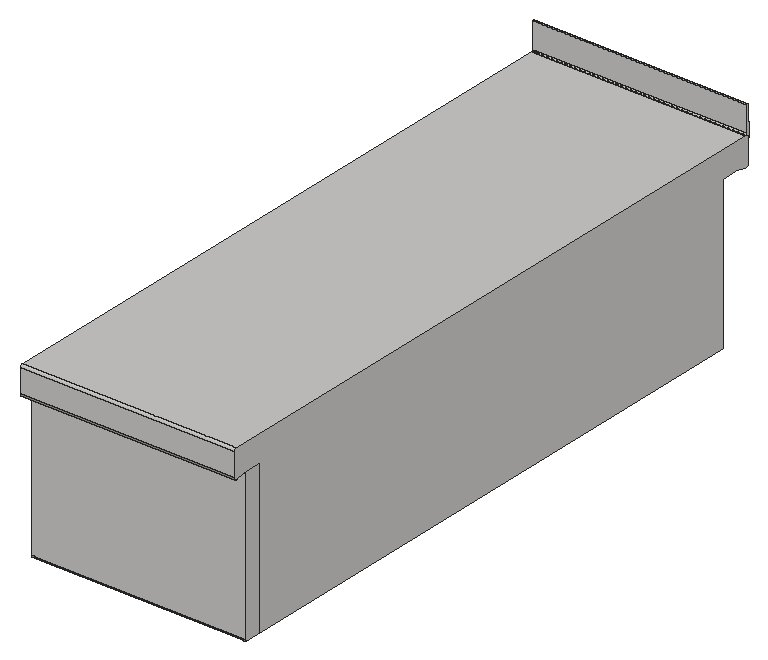
Revit family "QF_ELECTROLUXPROFESSIONAL_589155_MCNABBCOOO", category Specialty Equipment, Revit 2018
Family settings
  Round Connector Dimension = Use Diameter
  Part Type = Normal
  Work Plane-Based = No
  Always vertical = Yes
  Cut with Voids When Loaded = No
  Shared = No
  Room Calculation Point = No
Parameters
  Weight in Pounds = 41.88
  URL Cutsheet = "www.electrolux.com/professional"
  URL = "www.electrolux.com/professional"
  Type Mark [instance] = ""
  Status [instance] = ""
  Specification by User [instance] = ""
  Specification by Manufacturer = ""
  Serial Number = ""
  Seismic Rating = ""
  SMACNA No = ""
  Revision Code [instance] = ""
  Omniclass Number and Title = ""
  NAFEM Spec ID Number = ""
  Model = "589155"
  Masterspec = ""
  Manufacturer = "ELECTROLUX"
  Item Number [instance] = ""
  Installed By [instance] = ""
  Identify Quantity as Lot [instance] = yes
  Furnished By [instance] = ""
  Foodservice Equipment Identifier [instance] = yes
  Direct Waste Size = 0"
  Description = "WORK TOP,CLOSED,1-S,BACKSPL,300X900X250H"
  CSI MasterFormat = ""
  CSI Master Format = ""
Reference planes
  plane 1 "BACK": y = 0
  plane 2: z = 0
  plane 3 "LEFT": x = 0
  plane 4 "RIGHT": x = 300
  plane 5 "FRONT": y = -900
  plane 6 "TOP": z = 250
  plane 7 "Center Y": x = 150
  plane 8 "Center X": y = -450
  plane 9: z = 288
Forms (mm)
  Extrusion 1, solid, material "QF_Finishes_Stainless Steel"
    sketch origin (0, 50.048, 0) x (0, 1, 0) y (0, 0, 1)
      loop
        line (-95.048, 213) -> (-71.412, 213) -> (-54.743, 210.061)
        arc (-54.743, 210.061) -> (-51.477, 210.936) -> (-50.048, 214) r 4
        line (-50.048, 214) -> (-50.048, 246)
        arc (-50.048, 246) -> (-51.22, 248.828) -> (-54.048, 250) r 4
        line (-54.048, 250) -> (-946.048, 250)
        arc (-946.048, 250) -> (-948.877, 248.828) -> (-950.048, 246) r 4
        line (-950.048, 246) -> (-950.048, 214)
        arc (-950.048, 214) -> (-948.619, 210.936) -> (-945.353, 210.061) r 4
        line (-945.353, 210.061) -> (-928.509, 213) -> (-905.048, 213) -> (-905.048, 0) -> (-95.048, 0) -> (-95.048, 213)
    from 0 to 300
  Extrusion 2, solid, material "QF_Finishes_Stainless Steel"
    sketch origin (0, 50.048, 0) x (0, 1, 0) y (0, 0, 1)
      loop
        arc (-928.048, 213) -> (-929.462, 212.414) -> (-930.048, 211) r 2
        line (-930.048, 211) -> (-930.048, 2)
        arc (-930.048, 2) -> (-929.462, 0.586) -> (-928.048, 0) r 2
        line (-928.048, 0) -> (-905.048, 0) -> (-905.048, 213) -> (-928.048, 213)
    from 0 to 300
  Extrusion 3, solid, material "QF_Finishes_Stainless Steel"
    sketch origin (0, -950.048, 0) x (0, -1, 0) y (0, 0, -1)
      loop
        arc (-948.097, -252.006) -> (-947.511, -250.592) -> (-946.097, -250.006) r 2
        arc (-946.097, -250.006) -> (-948.877, -248.828) -> (-950.048, -246) r 4
        line (-950.048, -246) -> (-950.048, -288.006) -> (-948.097, -288.006) -> (-948.097, -252.006)
    from 0 to 300
Lines and regions (mm)
  symbolic lines
    curve 1: line (0, 0, 0) -> (300, 0, 0)
    curve 2: line (0, -900, 0) -> (0, 0, 0)
    curve 3: line (300, -900, 0) -> (0, -900, 0)
    curve 4: line (300, 0, 0) -> (300, -900, 0)
    curve 5: line (0, -1.951, 0) -> (300, -1.951, 0)
Dimensions and locks
  equal spacing: plane 3 "LEFT", plane 7 "Center Y", plane 4 "RIGHT"
  plane 3 "LEFT" to plane 4 "RIGHT" = 300.00 mm
  equal spacing: plane 5 "FRONT", plane 8 "Center X", plane 1 "BACK"
  plane 5 "FRONT" to plane 1 "BACK" = 900.00 mm
  plane 6 "TOP" to level = 250.00 mm
  plane 9 to level = 288.00 mm
  plane 9 to plane 6 "TOP" = 38.00 mm
  aligned and locked: level to plane 2
  aligned and locked: Extrusion 1 to plane 4 "RIGHT"
  aligned and locked: Extrusion 2 to plane 4 "RIGHT"
  aligned and locked: Extrusion 3 to plane 4 "RIGHT"
Automatic sketch dimensions
  Extrusion 1 sketch curve to plane 5 "FRONT" = 0.00 mm
  Extrusion 1 sketch curve to plane 6 "TOP" = 0.00 mm
  Extrusion 1 sketch curve to level = 0.00 mm
  Extrusion 1 sketch curve to plane 1 "BACK" = 0.00 mm
  Extrusion 1 sketch curve to plane 5 "FRONT" = 4.695 mm
  Extrusion 1 sketch curve to plane 6 "TOP" = 39.939 mm
  Extrusion 1 sketch curve to plane 5 "FRONT" = 4.00 mm  (x2)
  Extrusion 1 sketch curve to Extrusion 1 sketch curve = 16.844 mm
  Extrusion 1 sketch curve to plane 5 "FRONT" = 45.00 mm
  plane 1 "BACK" to Extrusion 1 sketch curve = 45.00 mm
  plane 1 "BACK" to Extrusion 1 sketch curve = 21.364 mm
  plane 1 "BACK" to Extrusion 1 sketch curve = 4.00 mm
  plane 1 "BACK" to Extrusion 1 sketch curve = 4.695 mm
  Extrusion 1 sketch curve to Extrusion 1 sketch curve = 0.00 mm  (x2)
  Extrusion 1 sketch curve to Extrusion 1 sketch curve = 4.00 mm
  Extrusion 1 sketch curve to plane 6 "TOP" = 37.00 mm  (x2)
  Extrusion 1 sketch curve to Extrusion 1 sketch curve = 1.00 mm
  Extrusion 2 sketch curve to level = 0.00 mm
  Extrusion 2 sketch curve to plane 5 "FRONT" = 20.00 mm
  level to Extrusion 2 sketch curve = 2.00 mm
  Extrusion 2 sketch curve to Extrusion 2 sketch curve = 2.00 mm
  Extrusion 2 sketch curve to Extrusion 2 sketch curve = 23.00 mm
  Extrusion 2 sketch curve to plane 6 "TOP" = 39.00 mm
  Extrusion 3 sketch curve to plane 1 "BACK" = 0.00 mm  (x2)
  Extrusion 3 sketch curve to plane 6 "TOP" = 2.006 mm
  Extrusion 3 sketch curve to plane 6 "TOP" = 0.00 mm
  Extrusion 3 sketch curve to plane 9 = 0.006 mm
  Extrusion 3 sketch curve to Extrusion 3 sketch curve = 1.951 mm
  Extrusion 3 sketch curve to Extrusion 3 sketch curve = 2.00 mm
  Extrusion 3 sketch curve to Extrusion 3 sketch curve = 0.049 mm
  Extrusion 3 sketch curve to Extrusion 3 sketch curve = 0.00 mm
  plane 1 "BACK" to curve 1 = 0.00 mm
  curve 1 to plane 3 "LEFT" = 0.00 mm
  curve 1 to plane 4 "RIGHT" = 0.00 mm
  plane 5 "FRONT" to curve 4 = 0.00 mm
  curve 5 to curve 1 = 1.951 mm
